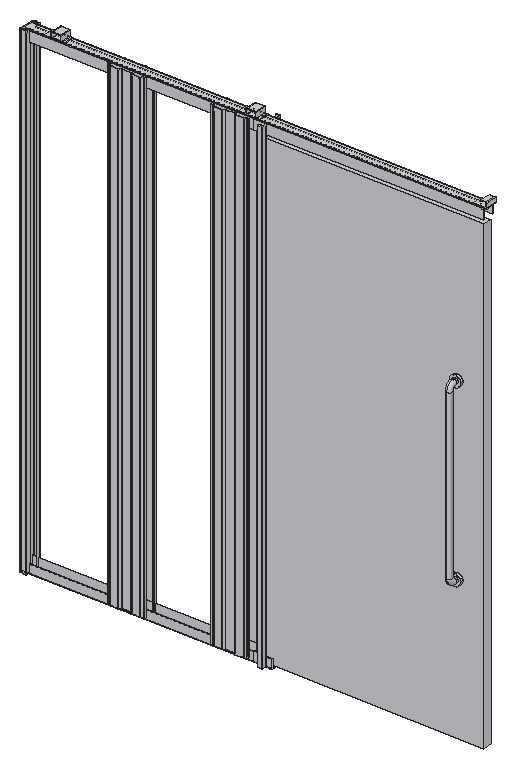
Revit family "BOS-LineaSet-One-Sonder_Familie", category Türen, Revit 2017 (continued)
Definition of nested family "BOS-Laufkasten-LineaSet-(One)_Modell"
  Definition of nested family "BOS-Bügelanker-eckig_Modell"
    Lines and regions (mm)
      model lines, not visible
        curve 16: arc (21.113, 0, -29) -> (21.406, 0, -29.707) -> (22.113, 0, -30) r 1
        curve 17: arc (-24.887, 0, -17) -> (-22.765, 0, -16.121) -> (-21.887, 0, -14) r 3
        curve 18: arc (19.113, 0, -29) -> (19.992, 0, -31.121) -> (22.113, 0, -32) r 3
        curve 19: arc (-23.887, 0, 25) -> (-23.008, 0, 27.121) -> (-20.887, 0, 28) r 3
        curve 20: arc (18.113, 0, 28) -> (20.235, 0, 27.121) -> (21.113, 0, 25) r 3
    Dimensions and locks
      "Hut": plane 4 to plane 3
      "Laschenlänge vorne": plane 10 to plane 8
      "Ankertiefe vorne": plane 5 to plane 6
      "Ankertiefe hinten": plane 5 to plane 7
      "Ankerhöhe": plane 5 to plane 2
      "Laschenlänge hinten": plane 11 to plane 9
      "Blechstärke": plane 4 to plane 10
      "Blechstärke": plane 11 to plane 3
      equal spacing: plane 4, plane 13, plane 3
      "Ankerbreite": plane 12 to plane 1
      "Blechstärke": plane 14 to plane 7
      "Blechstärke": plane 15 to plane 6
      equal spacing: plane 12, plane 16, plane 1
      aligned and locked: level to plane 2
      aligned and locked: plane 3 to Sweep 1 sketch curve
      aligned and locked: plane 1 to Sweep 1 sketch curve
      aligned and locked: plane 12 to Sweep 1 sketch curve
      aligned and locked: plane 8 to Sweep 1 sketch curve
      aligned and locked: Sweep 1 sketch curve to plane 15
      aligned and locked: Sweep 1 sketch curve to plane 6
      aligned and locked: Sweep 1 sketch curve to plane 10
      aligned and locked: Sweep 1 sketch curve to plane 4
      aligned and locked: Sweep 1 sketch curve to plane 5
      aligned and locked: Sweep 1 sketch curve to plane 3
      aligned and locked: plane 11 to Sweep 1 sketch curve
      aligned and locked: plane 14 to Sweep 1 sketch curve
      aligned and locked: plane 7 to Sweep 1 sketch curve
      aligned and locked: plane 9 to Sweep 1 sketch curve
    Automatic sketch dimensions
      Sweep 1 sketch curve to Sweep 1 sketch curve = 0 mm  (x4)
      profile plane to Sweep 1 sketch curve = 1 mm
      Sweep 1 sketch curve to Sweep 1 sketch curve = 1 mm  (x3)
      Sweep 1 sketch curve to Sweep 1 sketch curve = 0.167 mm
  Definition of nested family "BOS-Montagewinkel-LineaSet-(One)_Modell"
    Parameters (values of type "BOS-Montagewinkel-LineaSet-(One)_Modell")
      Default Elevation = 1219.2 mm
      Material - Zarge = none
      URL = "www.BestOfSteel.de"
      Rechtliche Hinweise = "www.BestOfSteel.de/tools-downloads/bim-building-information-modeling/"
      Manufacturer = "BOS GmbH Best Of Steel, Lütkenfelde 4, D-48282 Emsdetten"
      Einstand = 12.5 mm
      Blechstärke = 2 mm
      Description = "Montagewinkel für LineaSet (One)"
      Keynote = "BOS Modell"
      BOS-Architekten-Beratung = "Tel.: +49 (0) 2572 203-203; E-Mail: architekten@BestOfSteel.de"
      Technische Infos rund um die Stahlzarge = "www.BestOfSteel.de/tools-downloads/technische-infos-rund-um-die-stahlzarge/"
      Winkelarm unten = 62.5 mm
      Winkelarm oben = 25 mm
      Winkelhöhe = 28 mm
      Winkelbreite = 50 mm
    Reference planes
      plane 1: y = 0
      plane 2: z = 0
      plane 3: x = 21.113
      plane 4: z = 28
      plane 5: x = 33.613
      plane 6: x = 8.613
      plane 7: y = 50
      plane 8: x = -28.887
      plane 9: y = 25
    Forms (mm)
      Sweep 1, solid, material <- "Material - Zarge"
        path origin (0, 0, 0) x (1, 0, 0) y (0, 1, 0)
          loop
            line (21.113, 0) -> (21.113, 50)
        profile origin (21.113, 25, 0) x (-1, 0, 0) y (0, 0, 1)
          loop
            line (-12.5, 25) -> (-12.5, 3)
            arc (-12.5, 3) -> (-11.621, 0.879) -> (-9.5, 0) r 3
            line (-9.5, 0) -> (50, 0) -> (50, 2) -> (-9.5, 2)
            arc (-9.5, 2) -> (-10.207, 2.293) -> (-10.5, 3) r 1
            line (-10.5, 3) -> (-10.5, 25)
            arc (-10.5, 25) -> (-10.207, 25.707) -> (-9.5, 26) r 1
            line (-9.5, 26) -> (12.5, 26) -> (12.5, 28) -> (-9.5, 28)
            arc (-9.5, 28) -> (-11.621, 27.121) -> (-12.5, 25) r 3
    Lines and regions (mm)
      model lines, not visible
        curve 1: line (-35.887, 0, -17) -> (-35.887, 0, -15)
        curve 2: line (-35.887, 0, -15) -> (-24.887, 0, -15)
        curve 3: line (-23.887, 0, -14) -> (-23.887, 0, 25)
        curve 4: line (-20.887, 0, 28) -> (18.113, 0, 28)
        curve 5: line (21.113, 0, 25) -> (21.113, 0, -29)
        curve 6: line (22.113, 0, -30) -> (54.113, 0, -30)
        curve 7: line (54.113, 0, -30) -> (54.113, 0, -32)
        curve 8: line (54.113, 0, -32) -> (22.113, 0, -32)
        curve 9: line (-35.887, 0, -17) -> (-24.887, 0, -17)
        curve 10: line (-21.887, 0, -14) -> (-21.887, 0, 25.167)
        curve 11: line (-20.887, 0, 26.167) -> (18.113, 0, 26.167)
        curve 12: line (19.113, 0, 25.167) -> (19.113, 0, -29)
        curve 13: arc (-24.887, 0, -15) -> (-24.18, 0, -14.707) -> (-23.887, 0, -14) r 1
        curve 14: arc (-21.887, 0, 25.167) -> (-21.594, 0, 25.874) -> (-20.887, 0, 26.167) r 1
        curve 15: arc (18.113, 0, 26.167) -> (18.82, 0, 25.874) -> (19.113, 0, 25.167) r 1
        curve 16: arc (21.113, 0, -29) -> (21.406, 0, -29.707) -> (22.113, 0, -30) r 1
        curve 17: arc (-24.887, 0, -17) -> (-22.765, 0, -16.121) -> (-21.887, 0, -14) r 3
        curve 18: arc (19.113, 0, -29) -> (19.992, 0, -31.121) -> (22.113, 0, -32) r 3
        curve 19: arc (-23.887, 0, 25) -> (-23.008, 0, 27.121) -> (-20.887, 0, 28) r 3
        curve 20: arc (18.113, 0, 28) -> (20.235, 0, 27.121) -> (21.113, 0, 25) r 3
    Dimensions and locks
      "Winkelbreite": plane 7 to plane 1
      equal spacing: plane 7, plane 9, plane 1
      "Winkelarm oben": plane 6 to plane 5
      "Winkelarm unten": plane 8 to plane 5
      "Einstand": plane 5 to plane 3
      "Winkelhöhe": plane 4 to plane 2
      aligned and locked: level to plane 2
      aligned and locked: plane 3 to Sweep 1 sketch curve
      aligned and locked: plane 1 to Sweep 1 sketch curve
      aligned and locked: plane 7 to Sweep 1 sketch curve
      aligned and locked: plane 5 to Sweep 1 sketch curve
      aligned and locked: plane 8 to Sweep 1 sketch curve
      aligned and locked: plane 4 to Sweep 1 sketch curve
      aligned and locked: plane 6 to Sweep 1 sketch curve
    Automatic sketch dimensions
      Sweep 1 sketch curve to Sweep 1 sketch curve = 0 mm  (x5)
      Sweep 1 sketch curve to Sweep 1 sketch curve = 1 mm  (x2)
      Sweep 1 sketch curve to Sweep 1 sketch curve = 2 mm
      Sweep 1 sketch curve to level = 0 mm
  Definition of nested family "BOS-Anschraubprofil-LineaSet-(One)_Modell"
    Parameters (values of type "BOS-Anschraubprofil-LineaSet-(One)_Modell")
      Default Elevation = 1219.2 mm
      URL = "www.BestOfSteel.de"
      Rechtliche Hinweise = "www.BestOfSteel.de/tools-downloads/bim-building-information-modeling/"
      Material - Anschraubprofil = none
      Manufacturer = "BOS GmbH Best Of Steel, Lütkenfelde 4, D-48282 Emsdetten"
      Blechstärke = 1.5 mm
      Description = "Anschraubprofil für LineaSet (One)"
      Keynote = "BOS Modell"
      BOS-Architekten-Beratung = "Tel.: +49 (0) 2572 203-203; E-Mail: architekten@BestOfSteel.de"
      Technische Infos rund um die Stahlzarge = "www.BestOfSteel.de/tools-downloads/technische-infos-rund-um-die-stahlzarge/"
    Reference planes
      plane 1: y = 0
      plane 2: z = 0
      plane 3: x = 21.113
      plane 4: z = 28
      plane 5: y = 51.5
      plane 6: y = 103
      plane 7: z = 1.5
    Forms (mm)
      Sweep 1, solid, material <- "Material - Anschraubprofil"
        path origin (0, 0, 0) x (1, 0, 0) y (0, 1, 0)
          loop
            line (21.113, 0) -> (21.113, 103)
        profile origin (21.113, 51.5, 0) x (-1, 0, 0) y (0, 0, 1)
          loop
            line (45.25, -34.5) -> (45.25, -33) -> (29.5, -33)
            arc (29.5, -33) -> (28.793, -32.707) -> (28.5, -32) r 1
            line (28.5, -32) -> (28.5, -1)
            arc (28.5, -1) -> (27.768, 0.768) -> (26, 1.5) r 2.5
            line (26, 1.5) -> (-26, 1.5)
            arc (-26, 1.5) -> (-27.768, 0.768) -> (-28.5, -1) r 2.5
            line (-28.5, -1) -> (-28.5, -32)
            arc (-28.5, -32) -> (-28.793, -32.707) -> (-29.5, -33) r 1
            line (-29.5, -33) -> (-45.25, -33) -> (-45.25, -34.5) -> (-29.5, -34.5)
            arc (-29.5, -34.5) -> (-27.732, -33.768) -> (-27, -32) r 2.5
            line (-27, -32) -> (-27, -1)
            arc (-27, -1) -> (-26.707, -0.293) -> (-26, 0) r 1
            line (-26, 0) -> (26, 0)
            arc (26, 0) -> (26.707, -0.293) -> (27, -1) r 1
            line (27, -1) -> (27, -32)
            arc (27, -32) -> (27.732, -33.768) -> (29.5, -34.5) r 2.5
            line (29.5, -34.5) -> (45.25, -34.5)
      Sweep 2, solid, material <- "Material - Anschraubprofil"
        path origin (0, 0, 0) x (1, 0, 0) y (0, 0, 1)
          loop
            line (21.113, 1.5) -> (21.113, 28)
        profile origin (21.113, 0, 14.75) x (-1, 0, 0) y (0, -1, 0)
          loop
            line (37.5, -76) -> (36, -76) -> (36, -103.5)
            arc (36, -103.5) -> (35.707, -104.207) -> (35, -104.5) r 1
            line (35, -104.5) -> (-35, -104.5)
            arc (-35, -104.5) -> (-35.707, -104.207) -> (-36, -103.5) r 1
            line (-36, -103.5) -> (-36, -76) -> (-37.5, -76) -> (-37.5, -103.5)
            arc (-37.5, -103.5) -> (-36.768, -105.268) -> (-35, -106) r 2.5
            line (-35, -106) -> (35, -106)
            arc (35, -106) -> (36.768, -105.268) -> (37.5, -103.5) r 2.5
            line (37.5, -103.5) -> (37.5, -76)
          loop
            line (37.5, -27) -> (37.5, 0.5)
            arc (37.5, 0.5) -> (36.768, 2.268) -> (35, 3) r 2.5
            line (35, 3) -> (-35, 3)
            arc (-35, 3) -> (-36.768, 2.268) -> (-37.5, 0.5) r 2.5
            line (-37.5, 0.5) -> (-37.5, -27) -> (-36, -27) -> (-36, 0.5)
            arc (-36, 0.5) -> (-35.707, 1.207) -> (-35, 1.5) r 1
            line (-35, 1.5) -> (35, 1.5)
            arc (35, 1.5) -> (35.707, 1.207) -> (36, 0.5) r 1
            line (36, 0.5) -> (36, -27) -> (37.5, -27)
    Lines and regions (mm)
      model lines, not visible
        curve 1: line (-35.887, 0, -17) -> (-35.887, 0, -15)
        curve 2: line (-35.887, 0, -15) -> (-24.887, 0, -15)
        curve 3: line (-23.887, 0, -14) -> (-23.887, 0, 25)
        curve 4: line (-20.887, 0, 28) -> (18.113, 0, 28)
        curve 5: line (21.113, 0, 25) -> (21.113, 0, -29)
        curve 6: line (22.113, 0, -30) -> (54.113, 0, -30)
        curve 7: line (54.113, 0, -30) -> (54.113, 0, -32)
        curve 8: line (54.113, 0, -32) -> (22.113, 0, -32)
        curve 9: line (-35.887, 0, -17) -> (-24.887, 0, -17)
        curve 10: line (-21.887, 0, -14) -> (-21.887, 0, 25.167)
        curve 11: line (-20.887, 0, 26.167) -> (18.113, 0, 26.167)
        curve 12: line (19.113, 0, 25.167) -> (19.113, 0, -29)
        curve 13: arc (-24.887, 0, -15) -> (-24.18, 0, -14.707) -> (-23.887, 0, -14) r 1
        curve 14: arc (-21.887, 0, 25.167) -> (-21.594, 0, 25.874) -> (-20.887, 0, 26.167) r 1
        curve 15: arc (18.113, 0, 26.167) -> (18.82, 0, 25.874) -> (19.113, 0, 25.167) r 1
        curve 16: arc (21.113, 0, -29) -> (21.406, 0, -29.707) -> (22.113, 0, -30) r 1
        curve 17: arc (-24.887, 0, -17) -> (-22.765, 0, -16.121) -> (-21.887, 0, -14) r 3
        curve 18: arc (19.113, 0, -29) -> (19.992, 0, -31.121) -> (22.113, 0, -32) r 3
        curve 19: arc (-23.887, 0, 25) -> (-23.008, 0, 27.121) -> (-20.887, 0, 28) r 3
        curve 20: arc (18.113, 0, 28) -> (20.235, 0, 27.121) -> (21.113, 0, 25) r 3
    Dimensions and locks
      plane 1 to plane 6 = 103 mm
      equal spacing: plane 1, plane 5, plane 6
      plane 4 to plane 2 = 28 mm
      "Blechstärke": plane 7 to plane 2
      aligned and locked: level to plane 2
      aligned and locked: plane 3 to Sweep 1 sketch curve
      aligned and locked: plane 6 to Sweep 1 sketch curve
      aligned and locked: plane 1 to Sweep 1 sketch curve
      aligned and locked: plane 3 to Sweep 2 sketch curve
      aligned and locked: plane 7 to Sweep 2 sketch curve
      aligned and locked: plane 4 to Sweep 2 sketch curve
    Automatic sketch dimensions
      Sweep 1 sketch curve to Sweep 1 sketch curve = 0 mm  (x8)
      Sweep 1 sketch curve to level = 0 mm
      Sweep 1 sketch curve to level = 33 mm
      profile plane to Sweep 1 sketch curve = 45.25 mm
      Sweep 1 sketch curve to Sweep 1 sketch curve = 15.75 mm  (x2)
      Sweep 1 sketch curve to Sweep 1 sketch curve = 1 mm  (x2)
      Sweep 1 sketch curve to level = 1 mm
      Sweep 1 sketch curve to Sweep 1 sketch curve = 1.5 mm
      Sweep 1 sketch curve to profile plane = 26 mm
      Sweep 1 sketch curve to profile plane = 27 mm
      Sweep 1 sketch curve to Sweep 1 sketch curve = 33.5 mm
      Sweep 2 sketch curve to Sweep 2 sketch curve = 0 mm  (x9)
      plane 1 to Sweep 2 sketch curve = 0.5 mm  (x2)
      profile plane to Sweep 2 sketch curve = 37.5 mm  (x2)
      Sweep 2 sketch curve to Sweep 2 sketch curve = 1.5 mm  (x2)
      Sweep 2 sketch curve to Sweep 2 sketch curve = 1 mm  (x3)
      Sweep 2 sketch curve to profile plane = 35 mm  (x2)
      Sweep 2 sketch curve to plane 1 = 27 mm  (x2)
      Sweep 2 sketch curve to Sweep 2 sketch curve = 49 mm  (x2)
      Sweep 2 sketch curve to Sweep 2 sketch curve = 27.5 mm
Definition of nested family "BOS-Führungszapfen-Holz-Glas_Model"
  Parameters (values of type "BOS-Führungszapfen-Holz-Glas_Model")
    Länge = 33 mm
    URL = "www.BestOfSteel.de"
    Rechtliche Hinweise = "www.BestOfSteel.de/tools-downloads/bim-building-information-modeling/"
    Material - Führungszapfen = none
    Holztürblatt = yes
    Manufacturer = "BOS GmbH Best Of Steel, Lütkenfelde 4, D-48282 Emsdetten"
    Glastürblatt = no
    Breite für Holztürblatt = 22 mm
    Breite für Glastürblatt = 21.5 mm
    Description = "Führungszapfen für Holz- oder Glastürblatt"
    Keynote = "BOS Modell"
    BOS-Architekten-Beratung = "Tel.: +49 (0) 2572 203-203, Fax -209; E-Mail: architekten@BestOfSteel.de"
    Technische Infos rund um die Stahlzargen = "www.BestOfSteel.de/tools-downloads/technische-infos-rund-um-die-stahlzarge/"
  Reference planes
    plane 1: y = -116.677
    plane 2: z = 0
    plane 3: x = 500.166
    plane 4: y = -127.677
    plane 5: x = 483.666
    plane 6: x = 516.666
    plane 7: y = -105.677
    plane 8: y = -127.427
    plane 9: y = -105.927
  Forms (mm)
    Extrusion 1, solid, material <- "Material - Führungszapfen", visible <- "Holztürblatt"
      sketch origin (500.166, -5.294, -2.968) x (0, 1, 0) y (0, 0, 1)
        loop
          line (-122.383, 2.968) -> (-100.383, 2.968) -> (-100.383, 7.668) -> (-108.633, 8.438) -> (-108.883, 21.968) -> (-113.883, 21.968) -> (-114.133, 8.438) -> (-122.383, 7.618) -> (-122.383, 2.968)
      from -16.5 to 16.5
    Extrusion 2, solid, material <- "Material - Führungszapfen", visible <- "Glastürblatt"
      sketch origin (500.166, -47.893, -6.394) x (0, 1, 0) y (0, 0, 1)
        loop
          line (-60.784, 10.894) -> (-62.284, 22.894) -> (-64.284, 22.894) -> (-64.284, 18.394) -> (-62.784, 18.394) -> (-62.284, 10.894) -> (-75.284, 10.894) -> (-74.784, 18.394) -> (-73.284, 18.394) -> (-73.284, 22.894) -> (-75.284, 22.894) -> (-76.784, 10.894) -> (-79.534, 10.894) -> (-79.534, 6.394) -> (-58.034, 6.394) -> (-58.034, 10.894) -> (-60.784, 10.894)
      from -16.5 to 16.5
  Dimensions and locks
    Extrusion 1 sketch curve to Extrusion 1 sketch curve = 5.5 mm
    Extrusion 1 sketch curve to Extrusion 1 sketch curve = 8.25 mm  (x2)
    "Länge": plane 5 to plane 6
    equal spacing: plane 5, plane 3, plane 6
    equal spacing: plane 7, plane 1, plane 4
    "Breite für Holztürblatt": plane 7 to plane 4
    "Breite für Glastürblatt": plane 9 to plane 8
    equal spacing: plane 9, plane 1, plane 8
    Extrusion 2 sketch curve to Extrusion 2 sketch curve = 6.25 mm  (x2)
    aligned and locked: level to plane 2
    aligned and locked: Extrusion 1 to plane 4
    aligned and locked: Extrusion 2 to plane 5
    aligned and locked: plane 6 to Extrusion 2
    aligned and locked: plane 9 to Extrusion 2 sketch curve
    aligned and locked: Extrusion 2 sketch curve to plane 2
    aligned and locked: Extrusion 2 sketch curve to plane 8
  Automatic sketch dimensions
    level to Extrusion 1 sketch curve = 0 mm
    level to Extrusion 1 sketch curve = 4.65 mm
    plane 1 to Extrusion 1 sketch curve = 11 mm
    level to Extrusion 1 sketch curve = 5.47 mm  (x2)
    Extrusion 1 sketch curve to Extrusion 1 sketch curve = 0.25 mm
    Extrusion 1 sketch curve to Extrusion 1 sketch curve = 5 mm
    level to Extrusion 1 sketch curve = 4.7 mm
    Extrusion 1 sketch curve to Extrusion 1 sketch curve = 13.53 mm
    level to Extrusion 2 sketch curve = 4.5 mm  (x2)
    Extrusion 2 sketch curve to Extrusion 2 sketch curve = 2.75 mm
    Extrusion 2 sketch curve to Extrusion 2 sketch curve = 2 mm  (x2)
    Extrusion 2 sketch curve to Extrusion 2 sketch curve = 1.5 mm  (x4)
    level to Extrusion 2 sketch curve = 12 mm
    Extrusion 2 sketch curve to Extrusion 2 sketch curve = 0 mm
    Extrusion 2 sketch curve to Extrusion 2 sketch curve = 7.5 mm
    Extrusion 2 sketch curve to Extrusion 2 sketch curve = 4.5 mm  (x2)
    Extrusion 2 sketch curve to Extrusion 2 sketch curve = 0.5 mm
Definition of nested family "BOS-BOS_Modell"
  Parameters (values of type "BOS-BOS_Modell")
    Abstand = 22 mm
  Reference planes
    plane 1: y = -0.827
    plane 2: z = 0
    plane 3: x = 0
    plane 4: x = -22
    plane 5: y = 1.673
    plane 6: y = -3.327
  Dimensions and locks
    "Abstand": plane 4 to plane 3
    plane 5 to plane 6 = 5 mm
    equal spacing: plane 5, plane 1, plane 6
    aligned and locked: level to plane 2
    aligned and locked: plane 1 to text3d elem
    aligned and locked: text3d elem to level
Definition of nested family "BOS-Logo_Modell"
  Parameters (values of type "BOS-Logo_Modell")
    URL = "www.BestOfSteel.de"
    Rechtliche Hinweise = "www.BestOfSteel.de/tools-downloads/bim-building-information-modeling/"
    Description = "BOS Logo"
    Keynote = "BOS Logo"
    BOS-Architekten-Beratung = "Tel.: +49 (0) 2572 203-203; E-Mail: architekten@BestOfSteel.de"
    Technische Infos rund um die Stahlzarge = "www.BestOfSteel.de/tools-downloads/technische-infos-rund-um-die-stahlzarge/"
    Abstand vertikal = 10 mm
    Abstand horizontal = 15 mm
  Reference planes
    plane 1: y = 0
    plane 2: z = 0
    plane 3: x = 0
    plane 4: x = -7
    plane 5: x = 7
    plane 6: y = 8.299
    plane 7: x = 15
    plane 8: y = 4.15
    plane 9: x = -15
    plane 10: y = 14.15
    plane 11: y = -5.85
  Dimensions and locks
    plane 4 to plane 3 to plane 5 = 7 mm, 7 mm
    "Abstand vertikal": plane 11 to plane 8 to plane 10
    plane 6 to plane 8 to plane 1 = 4.15 mm, 4.15 mm
    "Abstand horizontal": plane 9 to plane 3
    "Abstand horizontal": plane 3 to plane 7
    aligned and locked: level to plane 2
Definition of nested family "BOS-Info-Texte_Beschriftung"
  Parameters (values of type "Drehpunkt Warnung")
    Unten = no
    Schwarz = yes
    Rot = no
    Oben = yes
    Info-Text En unten = "Kein Text"
    Info-Text De unten = "Kein Text"
    Info-Text En oben = "The actual pivot point of the door leaf\r\nmay differ from the one illustrated!"
    Englisch unten rot = and(and(Unten, Englisch), Rot)  # no
    Englisch unten schwarz = and(and(Unten, Englisch), Schwarz)  # no
    Englisch oben rot = and(and(Oben, Englisch), Rot)  # no
    Englisch oben schwarz = and(and(Oben, Englisch), Schwarz)  # no
    Info-Text De oben = "Der tatsächliche Drehpunkt des Türblattes\r\nkann von der Darstellung abweichen!"
    Warndreieck = no
    Fehlerkreis = no
    Englisch = no
    Deutsch unten rot = and(and(Unten, Deutsch), Rot)  # no
    Deutsch unten schwarz = and(and(Unten, Deutsch), Schwarz)  # no
    Deutsch oben rot = and(and(Oben, Deutsch), Rot)  # no
    Deutsch oben schwarz = and(and(Oben, Deutsch), Schwarz)  # yes
    Deutsch = not(Englisch)  # yes
    Ausrufezeichen = "!"
  Types (12, lengths in mm): name | Unten | Schwarz | Rot | Oben | Info-Text En unten | Info-Text De unten | Info-Text En oben | Info-Text De oben | Warndreieck | Fehlerkreis | Deutsch unten schwarz | Deutsch oben rot | Deutsch oben schwarz
    Rechtliche Hinweise | no | yes | no | yes | "Kein Text" | "Kein Text" | "In accordance with the protection note according to DIN 34, the ownership and copyrights are reserved!\r\n© 2016 BOS GmbH, Emsdetten, Germany -\r\nObserve the ISO 16016 protective label (see ID data)!\r\n\r\nSubject to technical change!" | "Entsprechend dem Schutzvermerk nach DIN 34 behalten wir uns Eigentum und Urheberrecht vor!\r\n© 2016 BOS GmbH, Emsdetten, Deutschland -\r\nSchutzvermerk ISO 16016 beachten (siehe ID-Daten)!\r\n\r\nTechnische Änderungen vorbehalten!" | no | no | no | no | yes
    Maulweite Fehlermeldung | no | yes | no | yes | "Kein Text" | "Kein Text" | "Check the wall thickness!" | "Wandstärke prüfen!" | no | yes | no | no | yes
    Verstellbereich | no | yes | no | yes | "Kein Text" | "Kein Text" | "Adjustment area from -5 to +15mm,\r\nother adjustment areas possible" | "Verstellbereich von -5 bis +15mm\r\nanderer Verstellbereich möglich" | no | no | no | no | yes
    Verstellbereich wSvdW | no | yes | no | yes | "Kein Text" | "Kein Text" | "Adjustment area in the soffit from -2 to +15mm,\r\nother adjustment areas possible" | "Verstellbereich in der Zargenleibung von -2 bis +15mm\r\nanderer Verstellbereich möglich" | no | no | no | no | yes
    Wandartauswahl 15Nz15Z | no | yes | no | yes | "Kein Text" | "Kein Text" | "Attention for stud walls: underlay from site required!\r\nFor DIN door leaves, select larger structural wall measurements.\r\nFor selection \"stud walls\":\r\nsee 'Features' (remove tick for brick walls)" | "Achtung bei Ständerwerk: bauseitige Unterfütterung erforderlich!\r\nBei DIN-Türblatt Rohbaumaße größer wählen.\r\nFür Auswahl \"Ständerwerk\": \r\nsiehe 'Eigenschaften' (Häkchen entfernen bei Mauerwerk)." | no | no | no | no | yes
    Technische Hinweise | no | yes | no | yes | "Kein Text" | "Kein Text" | "Due to manufacturing reasons this Revit family may not be changed\r\nwithout consulting BOS!\r\n\r\nDo not mirror frames (door list)!\r\nsee ‘Features’: DIN left / DIN right\r\n\r\nThe solid and stud walls or, for example, their profiles,\r\nmust be designed so that they can reliably and sustainably\r\nabsorb the static and dynamic forces resulting\r\nfrom the load on the door element used." | "Diese Revit-Familie darf aus fertigungstechnischen Gründen\r\nnicht ohne Rücksprache mit BOS abgeändert werden!\r\n\r\nZargen nicht spiegeln (Türliste)!\r\nsiehe 'Eigenschaften': DIN links / DIN rechts\r\n\r\nDie Massiv- und Ständerwerkswände bzw. deren Profile\r\nmüssen so ausgebildet sein, dass sie die statischen\r\nund dynamischen Kräfte, welche sich aus der Belastung\r\nder verwendeten Türelements ergeben, zuverlässig\r\nund nachhaltig aufnehmen können." | no | no | no | no | yes
    Drückerhöhe Warnung | yes | yes | no | no | "Please take the handle depth/height and/or DIN opening direction into account" | "Drückertiefen/-höhen und/oder DIN Richtungen beachten/anpassen!" | "Kein Text" | "Kein Text" | yes | no | yes | no | no
    Maulweite-Dehnungsfuge Fehlermeldung | no | yes | no | yes | "Kein Text" | "Kein Text" | "Check the wall thickness and/or expansion joint!" | "Wandstärke und/oder Dehnungsfuge prüfen!" | no | yes | no | no | yes
    Technische Hinweise Norm | no | yes | no | yes | "Kein Text" | "Kein Text" | "Due to manufacturing reasons this Revit family may not be changed\r\nwithout consulting BOS!\r\n\r\nThe solid and stud walls or, for example, their profiles,\r\nmust be designed so that they can reliably and sustainably\r\nabsorb the static and dynamic forces resulting\r\nfrom the load on the door element used." | "Diese Revit-Familie darf aus fertigungstechnischen Gründen\r\nnicht ohne Rücksprache mit BOS abgeändert werden!\r\n\r\nDie Massiv- und Ständerwerkswände bzw. deren Profile\r\nmüssen so ausgebildet sein, dass sie die statischen\r\nund dynamischen Kräfte, welche sich aus der Belastung\r\nder verwendeten Türelements ergeben, zuverlässig\r\nund nachhaltig aufnehmen können." | no | no | no | no | yes
    Maßauswahl | no | no | yes | yes | "Kein Text" | "Kein Text" | "To choose  Rebate Width/Height Measurement, Receiving Opening\r\nsee 'Features'" | "Auswahl von FMB, FMH, MW\r\nunter 'Eigenschaften'" | no | no | no | yes | no
    Rohbaumaß Warnung | no | yes | no | yes | "Kein Text" | "Kein Text" | "For DIN door leaves, select larger structural wall measurements!\r\nWhen changing the architrave widths, the structural measurements change accordingly." | "Bei DIN-Türblatt Rohbaumaße größer wählen!\r\nBei Änderung der Spiegelbreiten, Rohbaumaße beachten." | no | no | no | no | yes
    Drehpunkt Warnung | no | yes | no | yes | "Kein Text" | "Kein Text" | "The actual pivot point of the door leaf\r\nmay differ from the one illustrated!" | "Der tatsächliche Drehpunkt des Türblattes\r\nkann von der Darstellung abweichen!" | no | no | no | no | yes
  Reference planes
    plane 1: y = 0.955
    plane 2: x = 0
  Lines and regions (mm)
    Filled region 1, type "Gefüllter Bereich Gelb", visible <- "Warndreieck"
      outline origin (-7.188, 1.747, 0) x (1, 0, 0) y (0, 1, 0)
        loop
          line (5.951, -3.033) -> (8.413, -3.033) -> (7.182, -0.9) -> (5.951, -3.033)
    Filled region 2, type "Gefüllter Bereich Rot", visible <- "Fehlerkreis"
      outline origin (0, -3.763, 0) x (1, 0, 0) y (0, 1, 0)
        loop
          circle (0, 3.1) r 1.5
        loop
          line (-0.937, 3.486) -> (-0.937, 2.686) -> (1.023, 2.686) -> (1.023, 3.486) -> (-0.937, 3.486)
    Filled region 3, type "Gefüllter Bereich Weiss", visible <- "Fehlerkreis"
      outline origin (-7.014, -2.062, 0) x (1, 0, 0) y (0, 1, 0)
        loop
          line (6.077, 1.785) -> (6.077, 0.985) -> (8.038, 0.985) -> (8.038, 1.785) -> (6.077, 1.785)
  Text (mm)
    label "Info-Text De oben schwarz" at (0.065, 1.415, 0), shows "Info-Text De oben", visible <- "Deutsch oben schwarz"
    label "!" at (0.065, -0.414, 0), shows "Ausrufezeichen", visible <- "Warndreieck"
    label "Info-Text En oben schwarz" at (0.065, 1.415, 0), shows "Info-Text En oben", visible <- "Englisch oben schwarz"
    label "Info-Text De unten schwarz" at (0.218, -2.468, 0), shows "Info-Text De unten", visible <- "Deutsch unten schwarz"
    label "Info-Text En unten schwarz" at (0.065, -2.419, 0), shows "Info-Text En unten", visible <- "Englisch unten schwarz"
    label "Info-Text En oben rot" at (0.065, 1.415, 0), shows "Info-Text En oben", visible <- "Englisch oben rot"
    label "Info-Text En unten rot" at (0.065, -2.419, 0), shows "Info-Text En unten", visible <- "Englisch unten rot"
    label "Info-Text De unten rot" at (0.065, -2.419, 0), shows "Info-Text De unten", visible <- "Deutsch unten rot"
    label "Info-Text De oben rot" at (-0.371, 1.396, 0), shows "Info-Text De oben", visible <- "Deutsch oben rot"
Definition of nested family "BOS-Beplankung-LineaSet-(One)_Detail"
  Parameters (values of type "BOS-Beplankung-LineaSet-(One)_Detail")
    Zweifache Beplankung = MW Maulweite = 125 mm  # yes
    URL = "www.BestOfSteel.de"
    Theoretisches Rohbaumaß Breite = 2084.5 mm
    Rechtliche Hinweise = "www.BestOfSteel.de/tools-downloads/bim-building-information-modeling/"
    MW Maulweite = 125 mm
    LDB Lichte Durchgangs Breite = 936 mm
    Dreifache Beplankung = MW Maulweite = 150 mm  # no
    BOS-Architekten-Beratung = "Tel.: +49 (0) 2572 203-203; E-Mail: architekten@BestOfSteel.de"
    Technische Infos rund um die Stahlzarge = "www.BestOfSteel.de/tools-downloads/technische-infos-rund-um-die-stahlzarge/"
    Manufacturer = "BOS GmbH Best Of Steel, Lütkenfelde 4, D-48282 Emsdetten"
    Description = "Beplankung für LineaSet (One)"
    Keynote = "BOS Detail"
    Abstand = if(Zweifache Beplankung, 20 mm, 0 mm)  # 20 mm
  Reference planes
    plane 1: y = 0
    plane 2: z = 0
    plane 3: x = 27.5
    plane 4: y = 125
    plane 5: x = -440.5
    plane 6: x = 495.5
    plane 7: x = 520.5
    plane 8: x = 570.5
    plane 9: x = -1564
    plane 10: x = 508
    plane 11: y = 89.5
    plane 12: y = 35.5
    plane 13: y = 62.5
    plane 14: y = 25
    plane 15: y = 100
    plane 16: x = -1614
    plane 17: y = 112.5
    plane 18: y = 12.5
    plane 19: x = -465.5
    plane 20: x = -453
    plane 21: x = -485.5
    plane 22: y = 87.5
    plane 23: y = 37.5
    plane 24: x = -590.5
    plane 25: x = 565.5
    plane 26: x = -1634
    plane 27: x = 590.5
    plane 28: y = 100
    plane 29: y = 25
    plane 30: x = -485.5
  Lines and regions (mm)
    detail lines, in view "Ref.-Ebene"
      curve 1: line (-1614, 100, 0) -> (-1569, 100, 0)
      curve 2: line (-1564, 95, 0) -> (-1564, 30, 0)
      curve 3: line (-1614, 27, 0) -> (-1569, 27, 0)
      curve 4: line (-1566, 30, 0) -> (-1566, 95, 0)
      curve 5: line (-1569, 98, 0) -> (-1614, 98, 0)
      curve 6: line (-1614, 98, 0) -> (-1614, 100, 0)
      curve 7: arc (-1569, 98, 0) -> (-1566.879, 97.121, 0) -> (-1566, 95, 0) r 3
      curve 8: arc (-1569, 27, 0) -> (-1566.879, 27.879, 0) -> (-1566, 30, 0) r 3
      curve 9: arc (-1569, 100, 0) -> (-1565.464, 98.536, 0) -> (-1564, 95, 0) r 5
      curve 10: arc (-1569, 25, 0) -> (-1565.464, 26.464, 0) -> (-1564, 30, 0) r 5
      curve 11: line (-1635.5, 125, 0) -> (-440.5, 125, 0)
      curve 12: line (-440.5, 125, 0) -> (-440.5, 89.5, 0)
      curve 13: line (-1634, 0, 0) -> (-440.5, 0, 0)
      curve 14: line (-440.5, 0, 0) -> (-440.5, 35.5, 0)
      curve 15: line (590.5, 125, 0) -> (495.5, 125, 0)
      curve 16: line (495.5, 125, 0) -> (495.5, 89.5, 0)
      curve 17: line (495.5, 89.5, 0) -> (508, 89.5, 0)
      curve 18: line (508, 35.5, 0) -> (495.5, 35.5, 0)
      curve 19: line (495.5, 35.5, 0) -> (495.5, 0, 0)
      curve 20: line (495.5, 0, 0) -> (590.5, 0, 0)
      curve 21: line (570.5, 25, 0) -> (525.5, 25, 0)
      curve 22: line (-440.5, 89.5, 0) -> (-465.5, 89.5, 0)
      curve 23: line (-465.5, 89.5, 0) -> (-465.5, 112.5, 0)
      curve 24: line (-440.5, 35.5, 0) -> (-465.5, 35.5, 0)
      curve 25: line (-465.5, 35.5, 0) -> (-465.5, 12.5, 0)
      curve 26: line (-453, 12.5, 0) -> (-1634, 12.5, 0)
      curve 27: line (-1634, 112.5, 0) -> (-453, 112.5, 0)
      curve 28: line (-453, 112.5, 0) -> (-453, 100, 0)
      curve 29: line (-453, 12.5, 0) -> (-453, 25, 0)
      curve 30: line (520.5, 30, 0) -> (520.5, 95, 0)
      curve 31: line (525.5, 100, 0) -> (570.5, 100, 0)
      curve 32: line (570.5, 100, 0) -> (570.5, 98, 0)
      curve 33: line (570.5, 98, 0) -> (525.5, 98, 0)
      curve 34: line (522.5, 95, 0) -> (522.5, 30, 0)
      curve 35: line (525.5, 27, 0) -> (570.5, 27, 0)
      curve 36: line (570.5, 27, 0) -> (570.5, 25, 0)
      curve 37: arc (520.5, 30, 0) -> (521.964, 26.464, 0) -> (525.5, 25, 0) r 5
      curve 38: arc (520.5, 95, 0) -> (521.964, 98.536, 0) -> (525.5, 100, 0) r 5
      curve 39: arc (522.5, 95, 0) -> (523.379, 97.121, 0) -> (525.5, 98, 0) r 3
      curve 40: arc (522.5, 30, 0) -> (523.379, 27.879, 0) -> (525.5, 27, 0) r 3
      curve 41: line (508, 112.5, 0) -> (508, 12.5, 0)
      curve 42: line (520.5, 112.5, 0) -> (520.5, 12.5, 0)
      curve 43: line (508, 12.5, 0) -> (590.5, 12.5, 0)
      curve 44: line (508, 112.5, 0) -> (590.5, 112.5, 0)
      curve 45: line (520.5, 25, 0) -> (590.5, 25, 0)
      curve 46: line (520.5, 100, 0) -> (590.5, 100, 0)
      curve 51: line (-590.5, 125, 0) -> (-590.5, 112.5, 0)
      curve 52: line (-590.5, 0, 0) -> (-590.5, 12.5, 0)
      curve 53: line (565.5, 125, 0) -> (565.5, 112.5, 0)
      curve 54: line (565.5, 0, 0) -> (565.5, 12.5, 0)
      curve 55: line (-1634, 100, 0) -> (-485.5, 100, 0)
      curve 56: line (-1614, 25, 0) -> (-1569, 25, 0)
      curve 57: line (-1614, 25, 0) -> (-1614, 27, 0)
      curve 58: line (-485.5, 25, 0) -> (-1634, 25, 0)
      curve 59: line (-1564, 25, 0) -> (-1564, 100, 0)
      curve 60: line (-485.5, 100, 0) -> (-485.5, 112.5, 0)
      curve 61: line (-485.5, 25, 0) -> (-485.5, 12.5, 0)
    detail lines, in view "Ref.-Ebene", visible <- "Dreifache Beplankung"
      curve 47: line (-485.5, 100, 0) -> (-485.5, 87.5, 0)
      curve 48: line (-485.5, 37.5, 0) -> (-485.5, 25, 0)
      curve 49: line (-485.5, 87.5, 0) -> (-1564, 87.5, 0)
      curve 50: line (-1564, 37.5, 0) -> (-485.5, 37.5, 0)
  Dimensions and locks
    equal spacing: plane 5, plane 3, plane 6
    "LDB Lichte Durchgangs Breite": plane 5 to plane 6
    "MW Maulweite": plane 4 to plane 1
    plane 7 to plane 8 = 50 mm
    plane 11 to plane 12 = 54 mm
    equal spacing: plane 1, plane 13, plane 4
    equal spacing: plane 11, plane 13, plane 12
    "Theoretisches Rohbaumaß Breite": plane 9 to plane 7
    plane 4 to plane 17 = 12.5 mm
    plane 19 to plane 20 = 12.5 mm
    plane 20 to plane 5 = 12.5 mm
    plane 15 to plane 17 = 12.5 mm
    plane 1 to plane 18 = 12.5 mm
    plane 14 to plane 18 = 12.5 mm
    plane 24 to plane 5 = 150 mm
    plane 6 to plane 10 to plane 7 = 12.5 mm, 12.5 mm
    plane 6 to plane 25 = 70 mm
    plane 14 to plane 23 = 12.5 mm
    plane 22 to plane 15 = 12.5 mm
    plane 26 to plane 16 = 20 mm
    plane 16 to plane 9 = 50 mm
    plane 8 to plane 27 = 20 mm
    plane 28 to plane 11 = 10.5 mm
    plane 12 to plane 29 = 10.5 mm
    plane 21 to plane 19 = 20 mm
    "Abstand": plane 30 to plane 19
    aligned and locked: plane 28 to curve 28
    aligned and locked: plane 29 to curve 29
    aligned and locked: plane 30 to curve 61
    aligned and locked: curve 60 to plane 30
  Automatic sketch dimensions
    curve 7 to curve 9 = 0 mm  (x2)
    curve 8 to curve 10 = 0 mm  (x2)
    curve 37 to curve 40 = 0 mm  (x2)
    curve 38 to curve 39 = 0 mm  (x2)
    curve 11 to plane 4 = 0 mm
    plane 17 to curve 27 = 0 mm
    curve 27 to plane 26 = 0 mm
    curve 55 to plane 15 = 0 mm
    curve 55 to plane 26 = 0 mm
    plane 1 to curve 13 = 0 mm
    curve 13 to plane 26 = 0 mm
    curve 58 to plane 14 = 0 mm
    curve 58 to plane 26 = 0 mm
    curve 26 to plane 18 = 0 mm
    curve 26 to plane 26 = 0 mm
    curve 57 to plane 16 = 0 mm
    curve 5 to plane 16 = 0 mm
    curve 1 to plane 15 = 0 mm
    curve 56 to plane 14 = 0 mm
    curve 59 to plane 9 = 0 mm
    curve 49 to plane 9 = 0 mm
    curve 51 to plane 24 = 0 mm
    curve 52 to plane 24 = 0 mm
    curve 50 to plane 21 = 0 mm
    curve 47 to plane 21 = 0 mm
    curve 22 to plane 11 = 0 mm
    curve 22 to plane 19 = 0 mm
    curve 25 to plane 19 = 0 mm
    curve 29 to plane 20 = 0 mm
    curve 28 to plane 20 = 0 mm
    curve 14 to plane 5 = 0 mm
    curve 12 to plane 5 = 0 mm
    curve 15 to plane 4 = 0 mm
    curve 15 to plane 6 = 0 mm
    curve 18 to plane 6 = 0 mm
    curve 17 to plane 10 = 0 mm
    curve 37 to plane 7 = 0 mm
    curve 30 to plane 7 = 0 mm
    curve 38 to plane 15 = 0 mm
    curve 31 to plane 15 = 0 mm
    curve 21 to plane 14 = 0 mm
    curve 37 to plane 14 = 0 mm
    plane 17 to curve 53 = 0 mm
    curve 53 to plane 25 = 0 mm
    plane 1 to curve 54 = 0 mm
    curve 54 to plane 25 = 0 mm
    curve 36 to plane 8 = 0 mm
    curve 32 to plane 8 = 0 mm
    curve 20 to plane 27 = 0 mm
    curve 45 to plane 27 = 0 mm
    curve 44 to plane 27 = 0 mm
    curve 43 to plane 18 = 0 mm
    curve 43 to plane 27 = 0 mm
    curve 46 to plane 27 = 0 mm
    curve 15 to plane 27 = 0 mm
    curve 18 to plane 12 = 0 mm
    curve 14 to plane 12 = 0 mm
    plane 23 to curve 50 = 0 mm
    plane 22 to curve 49 = 0 mm
    curve 17 to plane 11 = 0 mm
    plane 14 to curve 3 = 2 mm
    curve 3 to curve 4 = 3 mm
    curve 7 to curve 4 = 3 mm
    curve 37 to curve 34 = 2 mm
    curve 34 to curve 40 = 3 mm
    curve 34 to curve 38 = 3 mm
    curve 11 to plane 26 = 1.5 mm
    curve 1 to curve 9 = 0 mm
    curve 56 to curve 10 = 0 mm
    curve 31 to curve 38 = 0 mm
    curve 21 to curve 37 = 0 mm
    curve 30 to curve 37 = 0 mm
    curve 2 to curve 10 = 0 mm
    curve 2 to curve 9 = 0 mm
    curve 30 to curve 38 = 0 mm
Types (4, lengths in mm): name | Material - Türblatt | Bürstendichtung | ALU 100 BOS | ALU 80 BOS | LineaSet One Sonder mit ALU 80 BOS Holz | LineaSet One Sonder mit ALU 80 BOS Glas | LineaSet One Sonder mit ALU 100 BOS Holz | Holztürblatt | Glastürblatt | Türblattstärke | LineaSet One Sonder mit ALU 100 BOS Glas | Modell
  LineaSet One Sonder mit ALU 80 BOS Holz | none | no | no | yes | yes | no | no | yes | no | 40 | no | "LineaSet mit ALU 80 BOS Holz"
  LineaSet One Sonder mit ALU 100 BOS Holz | none | no | yes | no | no | no | yes | yes | no | 40 | no | "LineaSet mit ALU 100 BOS Holz"
  LineaSet One Sonder mit ALU 100 BOS Glas | Glas | yes | yes | no | no | no | no | no | yes | 8 | yes | "LineaSet mit ALU 100 BOS Glas"
  LineaSet One Sonder mit ALU 80 BOS Glas | Glas | yes | no | yes | no | yes | no | no | yes | 8 | no | "LineaSet mit ALU 80 BOS Glas"
